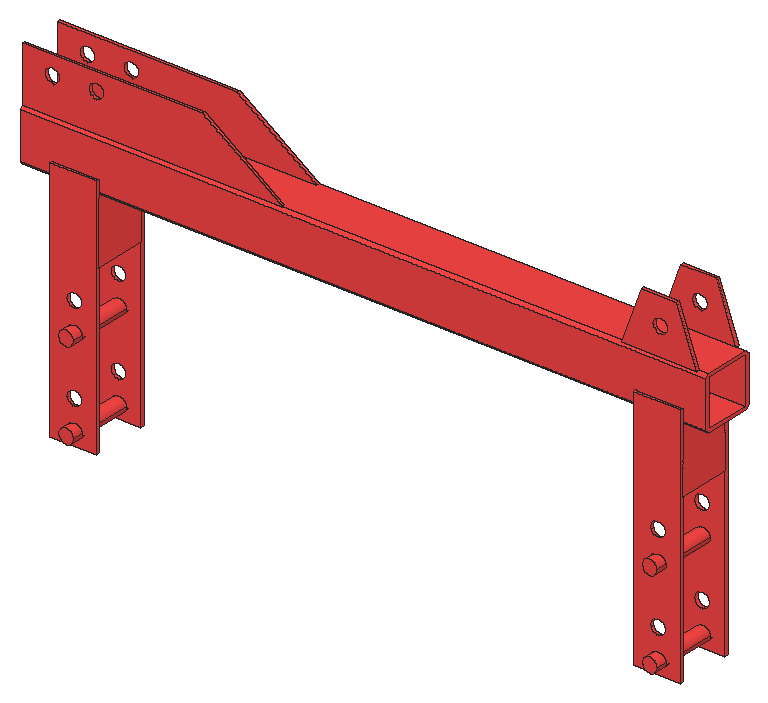
Revit family "051020_Carriage CB 240", category Generic Models, Revit 2019
Family settings
  Can host rebar = No
  Round Connector Dimension = Use Diameter
  Part Type = Normal
  Work Plane-Based = No
  Always vertical = Yes
  Cut with Voids When Loaded = No
  Shared = No
  Room Calculation Point = No
Parameters
  Vat Lieu = Steel
Reference planes
  plane 1 "Center (Front/Back)": y = 0
  plane 2: z = 0
  plane 3 "Center (Left/Right)": x = 0
  plane 4: z = 1175
  plane 5: x = -400
  plane 6: y = 75
  plane 7: y = 5
  plane 8: x = -645.905
  plane 9: x = -570.905
Forms (mm)
  Extrusion 1, solid, material "Steel" <- "Vat Lieu"
    sketch origin (477.5, 0, 697.5) x (0, 0, 1) y (0, 1, 0)
      loop
        line (0, 0) -> (80, 0) -> (80, 80) -> (0, 80) -> (0, 0)
      loop
        line (0, 85) -> (-5, 80) -> (-5, 0) -> (0, -5) -> (80, -5) -> (85, 0) -> (85, 80) -> (80, 85) -> (0, 85)
    from 0 to 1175
  Extrusion 2, solid, material "Steel" <- "Vat Lieu"
    sketch origin (477.5, 0, 697.5) x (0, 0, 1) y (-1, 0, 0)
      loop
        line (85, 16.596) -> (178.969, 50.798) -> (178.969, 110.798) -> (85, 145) -> (85, 16.596)
    from 0 to 5
  Extrusion 3, solid, material "Steel" <- "Vat Lieu"
    sketch origin (477.5, 0, 697.5) x (0, 0, 1) y (-1, 0, 0)
      loop
        line (85, 16.596) -> (178.969, 50.798) -> (178.969, 110.798) -> (85, 145) -> (85, 16.596)
    from -85 to -80
  Extrusion 4, solid, material "Steel" <- "Vat Lieu"
    sketch origin (477.5, 0, 697.5) x (0, 0, 1) y (-1, 0, 0)
      loop
        line (80, 1175) -> (80, 725) -> (180, 867.815) -> (180, 1175) -> (80, 1175)
    from -5 to 0
  Extrusion 5, solid, material "Steel" <- "Vat Lieu"
    sketch origin (477.5, 0, 697.5) x (0, 0, 1) y (-1, 0, 0)
      loop
        line (80, 1175) -> (80, 725) -> (180, 867.815) -> (180, 1175) -> (80, 1175)
    from -80 to -75
  Extrusion 6, solid, material "Steel" <- "Vat Lieu"
    sketch origin (477.5, 0, 697.5) x (0, 0, 1) y (-1, 0, 0)
      loop
        line (-400, 40) -> (20, 40) -> (20, 120) -> (-400, 120) -> (-400, 40)
      loop
        line (-400, 1040) -> (20, 1040) -> (20, 1120) -> (-400, 1120) -> (-400, 1040)
    from 5 to 9.653
  Extrusion 7, solid, material "Steel" <- "Vat Lieu"
    sketch origin (477.5, 0, 697.5) x (0, 0, 1) y (-1, 0, 0)
      loop
        line (-400, 40) -> (20, 40) -> (20, 120) -> (-400, 120) -> (-400, 40)
      loop
        line (-400, 1040) -> (20, 1040) -> (20, 1120) -> (-400, 1120) -> (-400, 1040)
    from -90.22 to -85
  Extrusion 8, solid, material "Steel" <- "Vat Lieu"
    sketch origin (477.5, 0, 697.5) x (0, 0, 1) y (0, 1, 0)
      loop
        line (-115.54, 85) -> (-115.54, -5) -> (-5, -5) -> (-5, 85) -> (-115.54, 85)
    from 40 to 120
  Extrusion 9, solid, material "Steel" <- "Vat Lieu"
    sketch origin (477.5, 0, 697.5) x (0, 0, 1) y (0, 1, 0)
      loop
        line (-115.54, 85) -> (-115.54, -5) -> (-5, -5) -> (-5, 85) -> (-115.54, 85)
    from 1040 to 1120
  Extrusion 10, void
    sketch origin (477.5, 0, 697.5) x (0, 0, 1) y (-1, 0, 0)
      loop
        circle (147.849, 1123.405) r 12.5
      loop
        circle (150.372, 1048.245) r 12.5
      loop
        circle (-377.151, 1078.405) r 12.5
      loop
        circle (-327.151, 1078.405) r 12.5
      loop
        circle (-227.151, 1078.405) r 12.5
      loop
        circle (-177.151, 1078.405) r 12.5
      loop
        circle (-377.151, 78.405) r 12.5
      loop
        circle (-327.151, 78.405) r 12.5
      loop
        circle (-227.151, 78.405) r 12.5
      loop
        circle (-177.151, 78.405) r 12.5
      loop
        circle (132.849, 78.405) r 12.5
    from 120.111 to -194.565
  Extrusion 11, solid, material "Steel" <- "Vat Lieu"
    sketch origin (0, 0, -75) x (1, 0, 0) y (0, 0, 1)
      loop
        circle (-600.905, 545.349) r 12.5
      loop
        circle (-600.784, 395.019) r 12.5
      loop
        circle (399.265, 394.883) r 12.5
      loop
        circle (399.095, 545.349) r 12.5
    from -107.261 to 27.515
Cuts and joins
  Extrusion 10 cuts Extrusion 2
  Extrusion 10 cuts Extrusion 3
  Extrusion 10 cuts Extrusion 4
  Extrusion 10 cuts Extrusion 5
  Extrusion 10 cuts Extrusion 6
  Extrusion 10 cuts Extrusion 7
  joined: Extrusion 2, Extrusion 3, Extrusion 4, Extrusion 5, Extrusion 6, Extrusion 7
Dimensions and locks
  aligned and locked: level to plane 2
